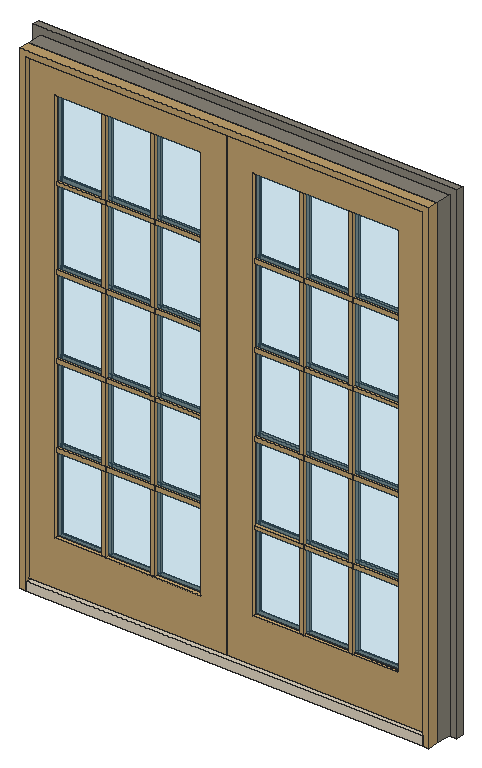
Revit family
Parameters (values of type "CUIFD6070")
  Void Offset = if(and(Casing Visibility, BMC), 0' 1 5/16", if(and(Casing Visibility, Flat Casing), 0' 3", 0' 0"))  # 0' - 1 5/16"
  URL = "www.marvin.com"
  Thickness = 0' - 1 3/4"
  Sill Material = Fiberglass_Pultrusion-Marvin-Beige
  S_2_R = XX Option 1  # yes
  S_1_R = and(XO_OX Option 2, Swing Reverse LH_RH)  # no
  S_1_L = or(XX Option 1, and(XO_OX Option 2, Swing LH_RH))  # yes
  Rough Width = Width + 0' 1"  # 6' - 1 5/8"
  Rough Height = Height + 0' 0 1/2"  # 7' - 2 1/2"
  Prairie Corner Width = 0' - 4"
  Prairie Corner Height = 0' - 4"
  Plan Swing Angle [instance] = 90.00°
  Panel Width = (Width - 0' 2 1/2") / 2  # 2' - 11 1/16"
  Swing LH_RH = not(Swing Reverse LH_RH)  # yes
  Swing Reverse LH_RH = no
  XX Option 1 = Option Choice Constraint = 1  # yes
  XO_OX Option 2 = Option Choice Constraint = 2  # no
  OO Option 3 = Option Choice Constraint = 3  # no
  Note to User = "Enter Option Choice 1-3"  # constant formula
  Option Choice = 1
  Option Choice Constraint = if(Option Choice > 3, 3, if(Option Choice < 1, 1, Option Choice))  # 1
  Nominal Width = 6' - 0"
  Nominal Height = 7' - 0"
  Muntins Interior Visibility = yes
  Muntins Interior Material = Wood-Marvin-Pine
  Muntins Exterior Visibility = yes
  Muntins Exterior Material = Aluminum-Marvin-Bronze
  Model = "CUIFD6070"
  Manufacturer = "Marvin Windows and Doors"
  Lites Wide = 3
  Lites High = 5
  Lite Cut Prairie 9 = no
  Lite Cut HV Grid = not(Lite Cut Prairie 9)  # yes
  Label Visibility = no
  Jamb Extension Visibility = no
  Interior Material = Wood-Marvin-Pine
  Inset to Installation Flange [instance] = 0' - 1"
  Height = if(Nominal Height = 6' 6", Nominal Height + 0' 1 1/2", if(or(Nominal Height = 6' 8", Nominal Height = 7' 0"), Nominal Height + 0' 2", Nominal Height - 0' 0 1/2"))  # 7' - 2"
  Wall Closure = (empty or 0)
  Width = if(Nominal Height = 6' 6", Nominal Width - 0' 1", Nominal Width + 0' 0 5/8")  # 6' - 0 5/8"
  Glazing Material = Glass-Marvin-IG Low E II with Argon
  Glass Type = "IG Low E II with Argon"
  Function = 1
  Frame = "Aluminum Clad"
  Flat Casing Visibility = and(Casing Visibility, Flat Casing)  # no
  Family created by = "www.rbuiltcomponents.com"
  Door Type = "Clad Ultimate Inswing French Door"
  Design Pressure = "DP40"
  Description = "7284 FR DOOR"
  Daylight Area = DLO Width * DLO Height * 2  # 24.9272 SF
  DLO Width = (Width - 1' 9 7/16") / 2  # 2' - 1 19/32"
  DLO Height = if(Bottom Rail Traditional, Height - 1' 3 7/8", Height - 1' 0 13/32")  # 5' - 10 1/8"
  Cladding Material = Aluminum-Marvin-Bronze
  Casing Width = if(BMC, 0' 1 5/16", 0' 3")  # 0' - 1 5/16"
  Casing Visibility = yes
  Bottom Rail Traditional = not(Bottom Rail Contemporary)  # yes
  Bottom Rail Contemporary = no
  Bottom Rail = if(Bottom Rail Traditional, 0' 9 31/32", 0' 6 1/2")  # 0' - 9 31/32"
  BMC Visibility = and(Casing Visibility, BMC)  # yes
  BMC = yes
  Flat Casing = not(BMC)  # no
  Assembly Code = ""
Reference planes (in)
  plane 1 "Center (Front/Back)": y = 0
  plane 2 "Center (Left/Right)": x = 0
  plane 3 "Left": x = -36.3125
  plane 4 "Right": x = 36.3125
  plane 5 "Top": z = 86
  plane 6 "Exterior": y = 3
  plane 7 "Interior": y = -3
  plane 8 "Inset": y = 2
  plane 9 "Glazing": y = -0.71875
  plane 10: x = -30.375
  plane 11: x = 30.375
  plane 12: z = 80.0625
  plane 13: z = 9.96875
  plane 14 "Jamb Ext Face": y = -2.5625
  plane 15: x = -0.0625
  plane 16: x = 0.0625
  plane 17: x = 4.8125
  plane 18: x = -4.8125
  plane 19: x = -17.59375
  plane 20: x = 17.59375
  plane 21 "Void offset": z = 87.3125
  plane 22 "Casing": z = 87.3125
  plane 23: y = -2.59375
Forms (in)
  Sweep 1, solid, material "Aluminum-Marvin-Bronze" <- "Cladding Material"
    path origin (0, -0.71875, 0) x (1, 0, 0) y (0, 0, 1)
      loop
        line (-36.3125, 0) -> (-36.3125, 86) -> (36.3125, 86) -> (36.3125, 0)
    profile "Clad_Frame : Clad_Frame" origin (-36.3125, -0.71875, 43) x (-1, 0, 0) y (0, -1, 0)
      loop
        line (0, -3.8125) -> (0, 0) -> (-1.06374, 0) -> (-1.06374, -0.53244) -> (-1.77792, -0.53244)
        arc (-1.77792, -0.53244) -> (-1.63018, -1.76415) -> (-1.51551, -2.99937) r 46.27589
        line (-1.51551, -2.99937) -> (-0.93767, -2.99937) -> (-0.93767, -3.10585) -> (-0.67848, -3.10585) -> (-0.67848, -3.8125) -> (0, -3.8125)
  Sweep 2, solid, material "Wood-Marvin-Pine" <- "Interior Material"
    path origin (0, -0.71875, 0) x (1, 0, 0) y (0, 0, 1)
      loop
        line (-36.3125, 0) -> (-36.3125, 86) -> (36.3125, 86) -> (36.3125, 0)
    profile "Int_Frame : Int_Frame" origin (-36.3125, -0.71875, 43) x (-1, 0, 0) y (0, -1, 0)
      loop
        line (0, 0) -> (0, 1.84375) -> (-1.06374, 1.84375) -> (-1.06374, 0) -> (0, 0)
  Sweep 3, solid, material "Fiberglass_Pultrusion-Marvin-Beige" <- "Sill Material"
    path origin (0, 2, 0) x (1, 0, 0) y (0, 0, 1)
      loop
        line (35.63402, 0) -> (-35.63402, 0)
    profile "Sill : Sill" origin (0, 2, 0) x (0, 0, -1) y (0, -1, 0)
      loop
        line (-0.5775, -1.09375) -> (0, -1.09375) -> (0, 4.5625) -> (-1.57253, 4.5625) -> (-1.3105, 2.06948) -> (-2.005, 2.06948) -> (-2.005, 1.63198) -> (-1.5375, 1.63198) -> (-1.37091, 0.04698) -> (-0.5775, 0.04698) -> (-0.5775, -1.09375)
  Extrusion 4, solid, material "Wood-Marvin-Pine" <- "Interior Material", visible <- "Jamb Extension Visibility", detail levels medium+fine
    sketch origin (0, -2.5625, 0) x (1, 0, 0) y (0, 0, 1)
      loop
        line (-36.3125, 0) -> (-35.625, 0) -> (-35.625, 85.3125) -> (35.625, 85.3125) -> (35.625, 0) -> (36.3125, 0) -> (36.3125, 86) -> (-36.3125, 86) -> (-36.3125, 0)
    from 0.03125 to 0.4375
  Extrusion 5, void
    sketch origin (0, 0, 0) x (1, 0, 0) y (0, 1, 0)
      loop
        line (-36.3125, 2) -> (-36.3125, -3) -> (36.3125, -3) -> (36.3125, 2) -> (-36.3125, 2)
    from 86 to 0
  Extrusion 6, void
    sketch origin (0, 0, 0) x (1, 0, 0) y (0, 1, 0)
      loop
        line (-37.625, 3.125) -> (-37.625, 2) -> (37.625, 2) -> (37.625, 3.125) -> (-37.625, 3.125)
    from 87.3125 to 0
  Sweep 7, void
    path origin (0, -2.5625, 0) x (1, 0, 0) y (0, 0, 1)
      loop
        line (-35.625, 0) -> (-35.625, 1.57253)
    profile "Sill_Void : Sill_Void" origin (-35.625, -2.5625, 0.78626) x (-1, 0, 0) y (0, -1, 0)
      loop
        line (0, -4.95658) -> (0, -2.38317) -> (0.125, -2.38317) -> (0.125, 0.11683) -> (-0.38526, 0.11683) -> (-0.38526, -2.38317) -> (-1.09944, -2.38317)
        arc (-1.09944, -2.38317) -> (-0.9517, -3.61487) -> (-0.83703, -4.8501) r 46.27589
        line (-0.83703, -4.8501) -> (-0.25918, -4.8501) -> (-0.25918, -4.95658) -> (0, -4.95658)
  Sweep 8, void
    path origin (0, -2.5625, 0) x (-1, 0, 0) y (0, 0, 1)
      loop
        line (-35.625, 0) -> (-35.625, 1.57253)
    profile "Sill_Void : Sill_Void" origin (35.625, -2.5625, 0.78626) x (-1, 0, 0) y (0, -1, 0)
      loop
        line (0, -4.95658) -> (0.25918, -4.95658) -> (0.25918, -4.8501) -> (0.83703, -4.8501)
        arc (0.83703, -4.8501) -> (0.9517, -3.61487) -> (1.09944, -2.38317) r 46.27589
        line (1.09944, -2.38317) -> (0.38526, -2.38317) -> (0.38526, 0.11683) -> (-0.125, 0.11683) -> (-0.125, -2.38317) -> (0, -2.38317) -> (0, -4.95658)
  Sweep 9, solid, material "Aluminum-Marvin-Bronze" <- "Cladding Material"
    path origin (0, -0.71875, 0) x (1, 0, 0) y (0, 0, 1)
      loop
        line (-0.04687, 2.005) -> (-0.04687, 84.22208)
    profile "Mtg_Stile : Mtg_Stile" origin (-0.04687, -0.71875, 43.11354) x (-1, 0, 0) y (0, -1, 0)
      loop
        line (-0.71385, -0.4375) -> (-0.61256, -1.4012) -> (-0.37874, -1.57729) -> (-0.25704, -2.0315) -> (0.62233, -2.0315) -> (0.73983, -1.59299) -> (0.97643, -1.4148) -> (1.07915, -0.4375) -> (-0.71385, -0.4375)
Cuts and joins
  Sweep 7, Sweep 8 cuts Sweep 3
Lines and regions (in)
  Masking region 1
    outline origin (0, 0, 0) x (0, 1, 0) y (0, 0, 1)
      loop
        line (3.09375, 86) -> (-2.5625, 86) -> (-2.5625, 0) -> (3.09375, 0) -> (3.09375, 86)
  Masking region 2, visible <- "Jamb Extension Visibility"
    outline origin (0, 0, 0) x (1, 0, 0) y (0, 1, 0)
      loop
        line (-35.625, -3) -> (-35.625, -2.59375) -> (-36.3125, -2.59375) -> (-36.3125, -3) -> (-35.625, -3)
  Masking region 3, visible <- "Jamb Extension Visibility"
    outline origin (0, 0, 0) x (0, 1, 0) y (-1, 0, 0)
      loop
        line (-3, -35.625) -> (-3, -36.3125) -> (-2.59375, -36.3125) -> (-2.59375, -35.625) -> (-3, -35.625)
  Masking region 4, visible <- "Jamb Extension Visibility"
    outline origin (0, 0, 0) x (0, 1, 0) y (0, 0, 1)
      loop
        line (-2.59375, 86) -> (-3, 86) -> (-3, 0) -> (-2.59375, 0) -> (-2.59375, 86)
  symbolic lines, style "DoorsFrameMullionProjection", visible <- "Jamb Extension Visibility", detail levels coarse+medium
    curve 1: line (-36.3125, -3, 0) -> (-35.625, -3, 0)
    curve 2: line (-35.625, -3, 0) -> (-35.625, -2.59375, 0)
    curve 3: line (36.3125, -3, 0) -> (35.625, -3, 0)
    curve 4: line (35.625, -3, 0) -> (35.625, -2.59375, 0)
    curve 7: line (0, -2.59375, 85.3125) -> (0, -3, 85.3125)
    curve 8: line (0, -3, 85.3125) -> (0, -3, 86)
    curve 36: line (36.3125, -3, 0) -> (36.3125, -2.59375, 0)
  symbolic lines, style "Jamb Extension", visible <- "Jamb Extension Visibility", detail levels fine
    curve 5: line (0, -2.59375, 85.3125) -> (0, -3, 85.3125)
    curve 6: line (0, -3, 85.3125) -> (0, -3, 86)
  symbolic lines, style "DoorsFrameMullionProjection", detail levels coarse+medium
    curve 9: line (0, 3.09375, 86) -> (0, 3.09375, 84.93626)
    curve 10: line (0, 3.09375, 84.93626) -> (0, -2.5625, 84.93626)
    curve 11: line (0, -2.5625, 84.93626) -> (0, -2.5625, 86)
    curve 20: line (0, -0.28125, 80.0625) -> (0, -0.28125, 9.96875)
    curve 21: line (0, -2.03125, 80.0625) -> (0, -2.03125, 9.96875)
    curve 24: line (0, 3.09375, 0.5775) -> (0, 1.95302, 0.5775)
    curve 25: line (0, 1.95302, 1.625) -> (0, 1.95302, 0.5775)
    curve 26: line (0, 1.95302, 1.625) -> (0, -2.56948, 1.625)
    curve 27: line (0, -2.56948, 0) -> (0, -2.56948, 1.625)
    curve 28: line (0, 3.09375, 0) -> (0, 3.09375, 0.5775)
    curve 29: line (0, 3.09375, 0) -> (0, -2.56948, 0)
    curve 32: line (-36.3125, -2.59375, 0) -> (-36.3125, -3, 0)
    curve 33: line (0, 3.09375, 86) -> (0, -3, 86)
  symbolic lines, style "DoorsPanelProjection", detail levels coarse+medium
    curve 12: line (0, -0.28125, 80.0625) -> (0, -0.28125, 84.93626)
    curve 13: line (0, -2.03125, 80.0625) -> (0, -0.28125, 80.0625)
    curve 14: line (0, -2.03125, 84.93626) -> (0, -2.03125, 80.0625)
    curve 15: line (0, -0.28125, 9.96875) -> (0, -2.03125, 9.96875)
    curve 16: line (0, -0.28125, 1.8125) -> (0, -0.28125, 9.96875)
    curve 17: line (0, -2.03125, 1.8125) -> (0, -0.28125, 1.8125)
    curve 18: line (0, -2.03125, 9.96875) -> (0, -2.03125, 1.8125)
  symbolic lines, style "DoorsGlassProjection", detail levels coarse+medium
    curve 19: line (0, -1.15625, 9.96875) -> (0, -1.15625, 80.0625)
  symbolic lines, style "Elevation Swing", visible <- "S_1_L"
    curve 22: line (0, -0.71875, 1.78875) -> (35.125, -0.71875, 43)
    curve 23: line (35.125, -0.71875, 43) -> (0, -0.71875, 84.90841)
  symbolic lines, style "Elevation Swing", visible <- "S_2_R"
    curve 30: line (0, -0.71875, 1.78875) -> (-35.125, -0.71875, 43)
    curve 31: line (-35.125, -0.71875, 43) -> (0, -0.71875, 84.90841)
  symbolic lines, style "Elevation Swing", visible <- "S_1_R"
    curve 34: line (35.14062, -0.71875, 1.84375) -> (0.0625, -0.71875, 43)
    curve 35: line (0.0625, -0.71875, 43) -> (35.14062, -0.71875, 84.8125)
Text (in)
  text "Exterior" at (-74.96733, 27.31104, 0), in view "Ref. Level"
  text "Interior" at (-74.96733, -25.14366, 0), in view "Ref. Level"
  text "Exterior" at (0, 40.15149, 123.01588), in view "Right"
  text "Interior" at (0, -64.39139, 123.01588), in view "Right"
  text "Interior" at (0, -31.01599, 123.00693), in view "Left"
  text "Exterior" at (0, 54.57065, 123.00693), in view "Left"
Dimensions and locks (in)
  equal spacing: plane 3 "Left", plane 2 "Center (Left/Right)", plane 4 "Right"
  "Height": level to plane 5 "Top"
  "Width": plane 3 "Left" to plane 4 "Right"
  locked: plane 11 to plane 4 "Right" at 5.9375
  locked: plane 3 "Left" to plane 10 at 5.9375
  locked: plane 12 to plane 5 "Top" at 5.9375
  "Bottom Rail": level to plane 13
  locked: Extrusion 4 sketch curve to plane 4 "Right" at 0.6875
  locked: plane 3 "Left" to Extrusion 4 sketch curve at 0.6875
  locked: plane 5 "Top" to Extrusion 4 sketch curve at 0.6875
  locked: nested 3 to plane 9 "Glazing" at 0.8125
  "Inset to Installation Flange": host wall to plane 8 "Inset"
  locked: plane 9 "Glazing" to plane 8 "Inset" at 2.71875
  locked: plane 14 "Jamb Ext Face" to plane 8 "Inset" at 4.5625
  locked: nested 4 to host wall at 12
  plane 15 to plane 2 "Center (Left/Right)" to plane 16 = 0' - 0 1/16", 0' - 0 1/16"
  locked: plane 17 to plane 16 at 4.75
  locked: plane 15 to plane 18 at 4.75
  equal spacing: plane 18, plane 19, plane 10
  equal spacing: plane 17, plane 20, plane 11
  equal spacing: level, curve 23, plane 5 "Top"
  equal spacing: level, curve 31, plane 5 "Top"
  "Void Offset": plane 21 "Void offset" to plane 5 "Top"
  "Casing Width": plane 22 "Casing" to plane 5 "Top"
  locked: Extrusion 6 sketch curve to host wall at 0.125
  "Void Offset": Extrusion 6 sketch curve to plane 3 "Left"
  "Void Offset": plane 4 "Right" to Extrusion 6 sketch curve
  locked: level to curve 26 at 1.625
  locked: plane 3 "Left" to Sweep 7 sketch curve at 0.6875
  locked: Sweep 8 sketch curve to level at 1.57253
  locked: Sweep 8 sketch curve to plane 4 "Right" at 0.6875
  locked: plane 23 to plane 14 "Jamb Ext Face" at 0.03125
  locked: Sweep 9 sketch curve to plane 18 at 4.76563
  aligned and locked: plane 6 "Exterior" to host wall
  aligned and locked: plane 7 "Interior" to host wall
  aligned and locked: plane 3 "Left" to Sweep 1 sketch curve
  aligned and locked: level to Sweep 1 sketch curve  (x2)
  aligned and locked: Sweep 1 sketch curve to plane 5 "Top"
  aligned and locked: Sweep 1 sketch curve to plane 4 "Right"
  aligned and locked: plane 3 "Left" to Sweep 2 sketch curve
  aligned and locked: level to Sweep 2 sketch curve  (x2)
  aligned and locked: Sweep 2 sketch curve to plane 5 "Top"
  aligned and locked: Sweep 2 sketch curve to plane 4 "Right"
  aligned and locked: level to nested 1
  aligned and locked: nested 1 to plane 8 "Inset"
  aligned and locked: Sweep 3 sketch curve to level
  aligned and locked: Extrusion 4 sketch curve to plane 3 "Left"
  aligned and locked: plane 5 "Top" to Extrusion 4 sketch curve
  aligned and locked: plane 4 "Right" to Extrusion 4 sketch curve
  aligned and locked: level to Extrusion 4 sketch curve  (x2)
  aligned and locked: Sweep 1 to Extrusion 4 sketch curve
  aligned and locked: host wall to Extrusion 4
  aligned and locked: plane 9 "Glazing" to nested 2
  aligned and locked: plane 12 to nested 2
  aligned and locked: nested 3 to plane 12
  aligned and locked: plane 3 "Left" to curve 1
  aligned and locked: curve 1 to Extrusion 4
  aligned and locked: plane 4 "Right" to curve 3
  aligned and locked: curve 4 to Extrusion 4
  aligned and locked: curve 3 to Extrusion 4
  aligned and locked: curve 5 to Extrusion 4
  aligned and locked: Extrusion 4 to curve 6
  aligned and locked: plane 5 "Top" to curve 8
  aligned and locked: curve 7 to Extrusion 4
  aligned and locked: plane 14 "Jamb Ext Face" to curve 11
  aligned and locked: curve 10 to Sweep 2
  aligned and locked: curve 13 to plane 12
  aligned and locked: curve 15 to plane 13
  aligned and locked: curve 13 to curve 19
  aligned and locked: curve 15 to curve 19
  aligned and locked: plane 5 "Top" to Masking region 1 sketch curve
  aligned and locked: level to Masking region 1 sketch curve
  aligned and locked: plane 2 "Center (Left/Right)" to nested 4
  aligned and locked: curve 25 to nested 1
  aligned and locked: curve 27 to nested 1
  aligned and locked: plane 20 to nested 2
  aligned and locked: nested 3 to plane 20
  aligned and locked: nested 5 to plane 19
  aligned and locked: nested 5 to plane 12
  aligned and locked: plane 19 to nested 6
  aligned and locked: plane 12 to nested 6
  aligned and locked: nested 5 to plane 9 "Glazing"
  aligned and locked: nested 3 to nested 6
  aligned and locked: Masking region 1 sketch curve to Sweep 1
  aligned and locked: curve 9 to Sweep 1
  aligned and locked: Sweep 3 sketch curve to Sweep 1
  aligned and locked: Sweep 1 to Sweep 3 sketch curve
  aligned and locked: plane 3 "Left" to curve 32
  aligned and locked: curve 33 to plane 5 "Top"
  aligned and locked: host wall to curve 33
  aligned and locked: plane 8 "Inset" to Extrusion 5 sketch curve
  aligned and locked: Extrusion 5 sketch curve to host wall
  aligned and locked: Extrusion 5 sketch curve to plane 3 "Left"
  aligned and locked: plane 4 "Right" to Extrusion 5 sketch curve
  aligned and locked: Extrusion 5 to plane 5 "Top"
  aligned and locked: Extrusion 5 to level
  aligned and locked: Extrusion 6 sketch curve to plane 8 "Inset"
  aligned and locked: Extrusion 6 to plane 21 "Void offset"
  aligned and locked: Extrusion 6 to level
  aligned and locked: Masking region 2 sketch curve to Extrusion 4
  aligned and locked: Masking region 2 sketch curve to plane 3 "Left"
  aligned and locked: Masking region 2 sketch curve to plane 7 "Interior"
  aligned and locked: Masking region 3 sketch curve to plane 4 "Right"
  aligned and locked: Masking region 3 sketch curve to Extrusion 4
  aligned and locked: plane 7 "Interior" to Masking region 3 sketch curve
  aligned and locked: plane 2 "Center (Left/Right)" to nested 7
  aligned and locked: plane 8 "Inset" to nested 7
  aligned and locked: level to nested 7
  aligned and locked: curve 28 to Sweep 1
  aligned and locked: curve 24 to Sweep 3
  aligned and locked: nested 8 to plane 2 "Center (Left/Right)"
  aligned and locked: plane 8 "Inset" to nested 8
  aligned and locked: Sweep 3 to Sweep 7 sketch curve
  aligned and locked: level to Sweep 7 sketch curve
  aligned and locked: level to Sweep 8 sketch curve
  aligned and locked: plane 23 to Masking region 2 sketch curve
  aligned and locked: plane 23 to curve 32
  aligned and locked: plane 23 to curve 2
  aligned and locked: Masking region 3 sketch curve to plane 23
  aligned and locked: plane 23 to curve 4
  aligned and locked: plane 23 to curve 36
  aligned and locked: plane 23 to curve 5
  aligned and locked: plane 23 to curve 7
  aligned and locked: Masking region 1 sketch curve to plane 14 "Jamb Ext Face"
  aligned and locked: plane 5 "Top" to Masking region 4 sketch curve
  aligned and locked: level to Masking region 4 sketch curve
  aligned and locked: plane 23 to Masking region 4 sketch curve
  aligned and locked: Masking region 4 sketch curve to host wall
  aligned and locked: Extrusion 4 to plane 23
  aligned and locked: nested 9 to plane 12
  aligned and locked: nested 9 to plane 20
  aligned and locked: plane 9 "Glazing" to nested 9
  aligned and locked: plane 12 to nested 10
  aligned and locked: plane 19 to nested 10
  aligned and locked: nested 10 to plane 9 "Glazing"
  aligned and locked: curve 34 to nested 9
  aligned and locked: nested 9 to curve 35
  aligned and locked: Sweep 1 to Sweep 9 sketch curve
  aligned and locked: cut or joined group of Sweep 3, Sweep 7, Sweep 8 to Sweep 9 sketch curve
  aligned and locked: curve 12 to nested 1
  aligned and locked: curve 14 to nested 1
Automatic sketch dimensions
  curve 1 to curve 1 = 0' - 0 11/16"
  curve 29 to level = 0' - 0"
  plane 9 "Glazing" to curve 19 = 0' - 0 7/16"
  level to curve 17 = 0' - 1 13/16"
  curve 23 to plane 2 "Center (Left/Right)" = 0' - 0"
  curve 30 to plane 2 "Center (Left/Right)" = 0' - 0"
  curve 35 to plane 16 = 0' - 0"
  curve 31 to plane 3 "Left" = 0' - 1 3/16"
  plane 4 "Right" to curve 22 = 0' - 1 3/16"
  level to curve 34 = 0' - 1 27/32"
  level to curve 30 = 0' - 1.78875"
  plane 13 to curve 34 = 2' - 9 1/32"
  plane 5 "Top" to curve 35 = 0' - 1 3/16"
  plane 5 "Top" to curve 23 = 0' - 1.09159"
Nested families (in)
  nested 1: "Door_Section_Detail" at (0, 2, 0) x (0, -1, 0) z (1, 0, 0), type "Door_Section_Detail", detail levels fine
  nested 2: "Muntins" at (17.59375, -0.71875, -26.0625), visible <- "Muntins Exterior Visibility", Muntin Material <- "Muntins Exterior Material", type "Muntins"
    with Muntin Material Aluminum-Marvin-Bronze, GlazingWidth 2' - 1 19/32", GlazingHeight 5' - 10 1/8", Width 2' - 2 1/32", LitesVertical 5, HorizontalMuntins 4, Height 5' - 10 9/16", Inset Vert 0' - 8.30208", Inset Horiz 1' - 1.7375"
  nested 3: "Muntins" at (17.59375, -1.53125, -26.0625), Muntin Material <- "Muntins Interior Material", visible <- "Muntins Interior Visibility", type "Muntins"
    with Muntin Material Wood-Marvin-Pine, GlazingWidth 2' - 1 19/32", GlazingHeight 5' - 10 1/8", Width 2' - 2 1/32", LitesVertical 5, HorizontalMuntins 4, Height 5' - 10 9/16", Inset Vert 0' - 8.30208", Inset Horiz 1' - 1.7375"
  nested 4: "Label Annotation 1-16 w5" at (0, 15, 0), visible <- "Label Visibility", type "Label Annotation 1-16 w5"
  nested 5: "Muntins" at (-17.59375, -0.71875, -26.0625) x (-1, 0, 0) z (0, 0, 1), visible <- "Muntins Exterior Visibility", Muntin Material <- "Muntins Exterior Material", type "Muntins"
    with Muntin Material Aluminum-Marvin-Bronze, GlazingWidth 2' - 1 19/32", GlazingHeight 5' - 10 1/8", Width 2' - 2 1/32", LitesVertical 5, HorizontalMuntins 4, Height 5' - 10 9/16", Inset Vert 0' - 8.30208", Inset Horiz 1' - 1.7375"
  nested 6: "Muntins" at (-17.59375, -1.53125, -26.0625) x (-1, 0, 0) z (0, 0, 1), Muntin Material <- "Muntins Interior Material", visible <- "Muntins Interior Visibility", type "Muntins"
    with Muntin Material Wood-Marvin-Pine, GlazingWidth 2' - 1 19/32", GlazingHeight 5' - 10 1/8", Width 2' - 2 1/32", LitesVertical 5, HorizontalMuntins 4, Height 5' - 10 9/16", Inset Vert 0' - 8.30208", Inset Horiz 1' - 1.7375"
  nested 7: "Casing_Clad" at (0, 2, 0), visible <- "Casing Visibility", type "Casing_Clad"
    with Width 6' - 0 5/8", Height 7' - 2"
  nested 8: "Door_Plan_Detail" at (54.25, -1.9375, 0), type "Door_Plan_Detail"
  nested 9: "Panel" at (17.59375, -0.71875, 1.84375), type "Panel"
    with Width 2' - 11 3/32", Height 6' - 10 31/32", Function 1, DLO Width 2' - 1 19/32", DLO Height 5' - 10 1/8"
  nested 10: "Panel" at (-17.59375, -0.71875, 1.84375) x (-1, 0, 0) z (0, 0, 1), type "Panel"
    with Width 2' - 11 3/32", Height 6' - 10 31/32", Function 1, DLO Width 2' - 1 19/32", DLO Height 5' - 10 1/8"
Definition of nested family "Muntins"
  Parameters (values of type "Muntins")
    PrairieMuntVisible = no
    Prairie Corner Width = 0' - 4"
    Prairie Corner Height = 0' - 4"
    Muntin Extension = 0' - 0 7/16"
    GridMuntVisible = yes
    GlazingWidth = 2' - 0"
    GlazingHeight = 2' - 11 1/8"
    Width = GlazingWidth + Muntin Extension  # 2' - 0 7/16"
    VerticalMuntins = if(LitesHorizontal < 3, 2, LitesHorizontal - 1)  # 2
    VertMuntVisible = and(GridMuntVisible, LitesHorizontal > 2)  # yes
    MuntinWidth = 0' - 0 3/4"
    MuntinDepth [instance] = 0' - 0 3/8"
    Muntin Material [instance] = none
    LitesVertical = 3
    LitesHorizontal = 3
    HorizontalMuntins = if(LitesVertical < 3, 2, LitesVertical - 1)  # 2
    HorizMuntVisible = and(GridMuntVisible, LitesVertical > 2)  # yes
    Height = GlazingHeight + Muntin Extension  # 2' - 11 9/16"
    Inset Vert = if(LitesHorizontal < 3, (Width / 3) - (MuntinWidth / 2), (Width / LitesHorizontal) - (MuntinWidth / 2))  # 0' - 7.77083"
    Inset Horiz = if(LitesVertical < 3, (Height / 3) - (MuntinWidth / 2), (Height / LitesVertical) - (MuntinWidth / 2))  # 0' - 11.47917"
    CenterMuntinVertical = and(GridMuntVisible, LitesHorizontal = 2)  # no
    CenterMuntinHorizontal = and(GridMuntVisible, LitesVertical = 2)  # no
    Assembly Code = ""
  Reference planes (in)
    plane 1 "Center (Front/Back)": y = 0
    plane 2: z = 0
    plane 3 "Center (Left/Right)": x = 0
    plane 4: z = 35.78125
    plane 5: z = 53.5625
    plane 6: z = 71.34375
    plane 7: z = 59.86458
    plane 8: z = 47.26042
    plane 9: z = 71.125
    plane 10: z = 36
    plane 11: x = -12
    plane 12: x = 12
    plane 13: x = -4.44792
    plane 14: x = -12.21875
    plane 15: x = 12.21875
    plane 16: x = 4.44792
    plane 17: z = 67.125
    plane 18: z = 40
    plane 19: x = -8
    plane 20: x = 8
  Forms (in)
    Extrusion 1, solid, material <- "Muntin Material", visible <- "CenterMuntinVertical", detail levels medium+fine
      sketch origin (9, 0, 0) x (1, 0, 0) y (0, 0, 1)
        loop
          line (-9.375, 71.34375) -> (-9.375, 35.78125) -> (-8.625, 35.78125) -> (-8.625, 71.34375) -> (-9.375, 71.34375)
      from 0 to 0.375 <- "MuntinDepth"
    Extrusion 2, solid, material <- "Muntin Material", visible <- "CenterMuntinHorizontal", detail levels medium+fine
      sketch origin (-0.0013, 0, 14.6875) x (1, 0, 0) y (0, 0, 1)
        loop
          line (-12.21745, 39.25) -> (-12.21745, 38.5) -> (12.22005, 38.5) -> (12.22005, 39.25) -> (-12.21745, 39.25)
      from 0 to 0.375 <- "MuntinDepth"
    Extrusion 3, solid, material <- "Muntin Material", visible <- "VertMuntVisible", detail levels medium+fine
      sketch origin (4.92708, 0, -2.90625) x (1, 0, 0) y (0, 0, 1)
        loop
          line (-9.375, 74.25) -> (-9.375, 38.6875) -> (-8.625, 38.6875) -> (-8.625, 74.25) -> (-9.375, 74.25)
      from 0 to 0.375 <- "MuntinDepth"
    Extrusion 4, solid, material <- "Muntin Material", visible <- "HorizMuntVisible", detail levels medium+fine
      sketch origin (-3.09635, 0, 14.17708) x (1, 0, 0) y (0, 0, 1)
        loop
          line (-9.1224, 45.6875) -> (-9.1224, 44.9375) -> (15.3151, 44.9375) -> (15.3151, 45.6875) -> (-9.1224, 45.6875)
      from 0 to 0.375 <- "MuntinDepth"
    Extrusion 5, solid, material <- "Muntin Material", visible <- "HorizMuntVisible", detail levels medium+fine
      sketch origin (-3.09635, 0, 2.32292) x (1, 0, 0) y (0, 0, 1)
        loop
          line (-9.1224, 45.6875) -> (-9.1224, 44.9375) -> (15.3151, 44.9375) -> (15.3151, 45.6875) -> (-9.1224, 45.6875)
      from 0 to 0.375 <- "MuntinDepth"
    Extrusion 6, solid, material <- "Muntin Material", visible <- "VertMuntVisible", detail levels medium+fine
      sketch origin (13.07292, 0, -2.90625) x (1, 0, 0) y (0, 0, 1)
        loop
          line (-9.375, 74.25) -> (-9.375, 38.6875) -> (-8.625, 38.6875) -> (-8.625, 74.25) -> (-9.375, 74.25)
      from 0 to 0.375 <- "MuntinDepth"
    Extrusion 7, solid, material <- "Muntin Material", visible <- "PrairieMuntVisible", detail levels medium+fine
      sketch origin (1, 0, 0) x (1, 0, 0) y (0, 0, 1)
        loop
          line (-9, 71.34375) -> (-9, 35.78125) -> (-8.25, 35.78125) -> (-8.25, 71.34375) -> (-9, 71.34375)
      from 0 to 0.375 <- "MuntinDepth"
    Extrusion 8, solid, material <- "Muntin Material", visible <- "PrairieMuntVisible", detail levels medium+fine
      sketch origin (17, 0, 0) x (1, 0, 0) y (0, 0, 1)
        loop
          line (-9.75, 71.34375) -> (-9.75, 35.78125) -> (-9, 35.78125) -> (-9, 71.34375) -> (-9.75, 71.34375)
      from 0 to 0.375 <- "MuntinDepth"
    Extrusion 9, solid, material <- "Muntin Material", visible <- "PrairieMuntVisible", detail levels medium+fine
      sketch origin (-0.0013, 0, 28.25) x (1, 0, 0) y (0, 0, 1)
        loop
          line (-12.21745, 38.875) -> (-12.21745, 38.125) -> (12.22005, 38.125) -> (12.22005, 38.875) -> (-12.21745, 38.875)
      from 0 to 0.375 <- "MuntinDepth"
    Extrusion 10, solid, material <- "Muntin Material", visible <- "PrairieMuntVisible", detail levels medium+fine
      sketch origin (-0.0013, 0, 1.125) x (1, 0, 0) y (0, 0, 1)
        loop
          line (-12.21745, 39.625) -> (-12.21745, 38.875) -> (12.22005, 38.875) -> (12.22005, 39.625) -> (-12.21745, 39.625)
      from 0 to 0.375 <- "MuntinDepth"
  Cuts and joins
    joined: Extrusion 7, Extrusion 8, Extrusion 9, Extrusion 10
  Lines and regions (in)
    model lines, style "Muntins", visible <- "CenterMuntinHorizontal", detail levels coarse
      curve 1: line (-12.21875, 0, 53.5625) -> (12.21875, 0, 53.5625)
    model lines, style "Muntins", visible <- "HorizMuntVisible", detail levels coarse
      curve 2: line (-12.21875, 0, 59.48958) -> (12.21875, 0, 59.48958)
      curve 3: line (-12.21875, 0, 47.63542) -> (12.21875, 0, 47.63542)
    model lines, style "Muntins", visible <- "CenterMuntinVertical", detail levels coarse
      curve 4: line (0, 0, 71.34375) -> (0, 0, 35.78125)
    model lines, style "Muntins", visible <- "VertMuntVisible", detail levels coarse
      curve 5: line (-4.07292, 0, 71.34375) -> (-4.07292, 0, 35.78125)
      curve 6: line (4.07292, 0, 71.34375) -> (4.07292, 0, 35.78125)
    model lines, style "Muntins", visible <- "PrairieMuntVisible", detail levels coarse
      curve 7: line (-12.21875, 0, 66.75) -> (12.21875, 0, 66.75)
      curve 8: line (-12.21875, 0, 40.375) -> (12.21875, 0, 40.375)
      curve 9: line (-7.625, 0, 35.78125) -> (-7.625, 0, 71.34375)
      curve 10: line (7.625, 0, 35.78125) -> (7.625, 0, 71.34375)
  Dimensions and locks (in)
    "Inset Horiz": plane 6 to plane 7
    "Inset Horiz": plane 8 to plane 4
    equal spacing: plane 6, plane 5, plane 4
    "Height": plane 6 to plane 4
    "GlazingHeight": plane 9 to plane 10
    equal spacing: plane 9, plane 5, plane 10
    "GlazingWidth": plane 12 to plane 11
    equal spacing: plane 12, plane 3 "Center (Left/Right)", plane 11
    "MuntinWidth": Extrusion 1 sketch curve to Extrusion 1 sketch curve
    "Height": Extrusion 1 sketch curve to Extrusion 1 sketch curve
    "MuntinWidth": Extrusion 2 sketch curve to Extrusion 2 sketch curve
    "Width": Extrusion 2 sketch curve to Extrusion 2 sketch curve
    "MuntinWidth": Extrusion 3 sketch curve to Extrusion 3 sketch curve
    "Height": Extrusion 3 sketch curve to Extrusion 3 sketch curve
    "Width": plane 15 to plane 14
    equal spacing: plane 15, plane 3 "Center (Left/Right)", plane 14
    "Inset Vert": plane 13 to plane 14
    "Inset Vert": plane 15 to plane 16
    "MuntinWidth": Extrusion 4 sketch curve to Extrusion 4 sketch curve
    "Width": Extrusion 4 sketch curve to Extrusion 4 sketch curve
    "MuntinWidth": Extrusion 5 sketch curve to Extrusion 5 sketch curve
    "Width": Extrusion 5 sketch curve to Extrusion 5 sketch curve
    group 2 to group 3 = 0' - 0"  (x2)
    group 3 to group 2 = 0' - 11.85417"
    "MuntinWidth": Extrusion 6 sketch curve to Extrusion 6 sketch curve
    "Height": Extrusion 6 sketch curve to Extrusion 6 sketch curve
    group 4 to group 5 = 0' - 8.14583"
    group 4 to group 5 = 0' - 0"  (x2)
    "Prairie Corner Width": plane 19 to plane 11
    "Prairie Corner Width": plane 20 to plane 12
    "Prairie Corner Height": plane 9 to plane 17
    "Prairie Corner Height": plane 18 to plane 10
    "MuntinWidth": Extrusion 7 sketch curve to Extrusion 7 sketch curve
    "Height": Extrusion 7 sketch curve to Extrusion 7 sketch curve
    "MuntinWidth": Extrusion 8 sketch curve to Extrusion 8 sketch curve
    "Height": Extrusion 8 sketch curve to Extrusion 8 sketch curve
    "MuntinWidth": Extrusion 9 sketch curve to Extrusion 9 sketch curve
    "Width": Extrusion 9 sketch curve to Extrusion 9 sketch curve
    "MuntinWidth": Extrusion 10 sketch curve to Extrusion 10 sketch curve
    "Width": Extrusion 10 sketch curve to Extrusion 10 sketch curve
    aligned and locked: plane 6 to Extrusion 1  (x2)
    aligned and locked: Extrusion 1 to plane 4  (x3)
    aligned and locked: Extrusion 3 to plane 13  (x5)
    aligned and locked: Extrusion 3 to plane 4  (x3)
    aligned and locked: Extrusion 2 to plane 14
    aligned and locked: plane 15 to Extrusion 2
    aligned and locked: plane 6 to Extrusion 3
    aligned and locked: plane 7 to Extrusion 4
    aligned and locked: Extrusion 4 to plane 14
    aligned and locked: plane 15 to Extrusion 4
    aligned and locked: curve 1 to plane 5
    aligned and locked: plane 14 to curve 1
    aligned and locked: plane 15 to curve 1
    aligned and locked: Extrusion 5 to plane 14
    aligned and locked: Extrusion 5 to plane 8
    aligned and locked: plane 15 to Extrusion 5
    aligned and locked: Extrusion 5 to curve 3  (x2)
    aligned and locked: Extrusion 4 to curve 2  (x2)
    aligned and locked: curve 4 to plane 3 "Center (Left/Right)"
    aligned and locked: Extrusion 1 to curve 4  (x2)
    aligned and locked: Extrusion 3 to curve 5  (x2)
    aligned and locked: Extrusion 6 to curve 6  (x2)
    aligned and locked: Extrusion 6 to plane 16
    aligned and locked: plane 6 to Extrusion 6
    aligned and locked: plane 6 to curve 6
    aligned and locked: Extrusion 6 to plane 4
    aligned and locked: plane 4 to curve 6
    aligned and locked: cut or joined group of Extrusion 7, Extrusion 8, Extrusion 9, Extrusion 10 to plane 19
    aligned and locked: plane 20 to cut or joined group of Extrusion 7, Extrusion 8, Extrusion 9, Extrusion 10
    aligned and locked: plane 17 to cut or joined group of Extrusion 7, Extrusion 8, Extrusion 9, Extrusion 10
    aligned and locked: cut or joined group of Extrusion 7, Extrusion 8, Extrusion 9, Extrusion 10 to plane 18
    aligned and locked: cut or joined group of Extrusion 7, Extrusion 8, Extrusion 9, Extrusion 10 to curve 7  (x2)
    aligned and locked: cut or joined group of Extrusion 7, Extrusion 8, Extrusion 9, Extrusion 10 to curve 8  (x2)
    aligned and locked: cut or joined group of Extrusion 7, Extrusion 8, Extrusion 9, Extrusion 10 to curve 9  (x2)
    aligned and locked: cut or joined group of Extrusion 7, Extrusion 8, Extrusion 9, Extrusion 10 to curve 10  (x2)
  Automatic sketch dimensions
    Extrusion 1 sketch curve to plane 4 = 0' - 0"
    Extrusion 1 sketch curve to plane 3 "Center (Left/Right)" = 0' - 0 3/8"
    Extrusion 2 sketch curve to plane 14 = 0' - 0"
    Extrusion 2 sketch curve to plane 5 = 0' - 0 3/8"
    Extrusion 7 sketch curve to plane 4 = 0' - 0"
    Extrusion 7 sketch curve to plane 19 = 0' - 0"
    Extrusion 8 sketch curve to plane 4 = 0' - 0"
    Extrusion 8 sketch curve to plane 20 = 0' - 0 3/4"
    Extrusion 9 sketch curve to plane 14 = 0' - 0"
    Extrusion 9 sketch curve to plane 17 = 0' - 0 3/4"
    Extrusion 10 sketch curve to plane 14 = 0' - 0"
    Extrusion 10 sketch curve to plane 18 = 0' - 0"
    plane 19 to curve 9 = 0' - 0 3/8"
    curve 10 to plane 20 = 0' - 0 3/8"
    plane 18 to curve 8 = 0' - 0 3/8"
    curve 7 to plane 17 = 0' - 0 3/8"
Definition of nested family "Casing_Clad"
  Parameters (values of type "Casing_Clad")
    Width = 16' - 0"
    Height = 12' - 0"
    Flat Casing Visibility = no
    Cladding Finish = Aluminum-Marvin-Bronze
    BMC Visibility = yes
    Assembly Code = ""
  Reference planes (in)
    plane 1 "Center (Front/Back)": y = 0
    plane 2: z = 0
    plane 3 "Center (Left/Right)": x = 0
    plane 4: z = 144
    plane 5: x = -96
    plane 6: x = 96
  Forms (in)
    Sweep 1, solid, material "Aluminum-Marvin-Bronze" <- "Cladding Finish", visible <- "BMC Visibility"
      path origin (0, 0, 0) x (1, 0, 0) y (0, 0, 1)
        loop
          line (-96, 0) -> (-96, 144) -> (96, 144) -> (96, 0)
      profile "BMC_Clad : BMC_Clad" origin (96, 0, 72) x (1, 0, 0) y (0, -1, 0)
        loop
          line (0.71589, -1.25) -> (1.3125, -1.25) -> (1.3125, 0) -> (0, 0) -> (0, -1.09375) -> (0.38081, -1.09375) -> (0.71589, -1.25)
    Sweep 2, solid, material "Aluminum-Marvin-Bronze" <- "Cladding Finish", visible <- "Flat Casing Visibility"
      path origin (0, 0, 0) x (1, 0, 0) y (0, 0, 1)
        loop
          line (-96, 0) -> (-96, 144) -> (96, 144) -> (96, 0)
      profile "Flat_Casing_Clad : Flat_Casing_Clad" origin (96, 0, 72) x (1, 0, 0) y (0, -1, 0)
        loop
          line (3, -1.09375) -> (3, 0) -> (0, 0) -> (0, -1.09375) -> (3, -1.09375)
  Lines and regions (in)
    Masking region 1, visible <- "Flat Casing Visibility"
      outline origin (0, 0, 0) x (1, 0, 0) y (0, 1, 0)
        loop
          line (-96, 0) -> (-96, 1.09375) -> (-99, 1.09375) -> (-99, 0) -> (-96, 0)
    Masking region 2, visible <- "Flat Casing Visibility"
      outline origin (0, 0, 0) x (0, 1, 0) y (-1, 0, 0)
        loop
          line (0, -96) -> (0, -99) -> (1.09375, -99) -> (1.09375, -96) -> (0, -96)
    Masking region 3, visible <- "BMC Visibility"
      outline origin (0, 0, 0) x (1, 0, 0) y (0, 1, 0)
        loop
          line (96, 1.09375) -> (96, 0) -> (97.3125, 0) -> (97.3125, 1.25) -> (96.71589, 1.25) -> (96.38081, 1.09375) -> (96, 1.09375)
    Masking region 4, visible <- "BMC Visibility"
      outline origin (0, 0, 0) x (0, 1, 0) y (-1, 0, 0)
        loop
          line (1.09375, 96) -> (1.09375, 96.38081) -> (1.25, 96.71589) -> (1.25, 97.3125) -> (0, 97.3125) -> (0, 96) -> (1.09375, 96)
    Masking region 5, visible <- "Flat Casing Visibility"
      outline origin (0, 0, 0) x (0, 1, 0) y (0, 0, 1)
        loop
          line (1.09375, 147) -> (0, 147) -> (0, 144) -> (1.09375, 144) -> (1.09375, 147)
    Masking region 6, visible <- "BMC Visibility"
      outline origin (0, 0, 0) x (0, 1, 0) y (0, 0, 1)
        loop
          line (1.25, 145.3125) -> (0, 145.3125) -> (0, 144) -> (1.09375, 144) -> (1.09375, 144.38081) -> (1.25, 144.71589) -> (1.25, 145.3125)
    symbolic lines, style "Frame/Mullion", visible <- "Flat Casing Visibility", detail levels coarse+medium
      curve 1: line (0, 1.09375, 144) -> (0, 1.09375, 147)
      curve 2: line (0, 1.09375, 147) -> (0, 0, 147)
      curve 11: line (-99, 1.09375, 0) -> (-99, 0, 0)
      curve 12: line (-96, 1.09375, 0) -> (-99, 1.09375, 0)
      curve 13: line (99, 0, 0) -> (99, 1.09375, 0)
      curve 14: line (99, 1.09375, 0) -> (96, 1.09375, 0)
    symbolic lines, style "Frame/Mullion", visible <- "BMC Visibility", detail levels coarse+medium
      curve 3: line (0, 1.25, 145.3125) -> (0, 0, 145.3125)
      curve 4: line (0, 1.25, 144.71589) -> (0, 1.25, 145.3125)
      curve 5: line (0, 1.09375, 144.38081) -> (0, 1.25, 144.71589)
      curve 6: line (0, 1.09375, 144) -> (0, 1.09375, 144.38081)
      curve 7: line (-96.71589, 1.25, 0) -> (-97.3125, 1.25, 0)
      curve 8: line (-96.38081, 1.09375, 0) -> (-96.71589, 1.25, 0)
      curve 9: line (-96, 1.09375, 0) -> (-96.38081, 1.09375, 0)
      curve 10: line (-97.3125, 1.25, 0) -> (-97.3125, 0, 0)
      curve 15: line (97.3125, 0, 0) -> (97.3125, 1.25, 0)
      curve 16: line (97.3125, 1.25, 0) -> (96.71589, 1.25, 0)
      curve 17: line (96.71589, 1.25, 0) -> (96.38081, 1.09375, 0)
      curve 18: line (96.38081, 1.09375, 0) -> (96, 1.09375, 0)
  Dimensions and locks (in)
    "Width": plane 6 to plane 5
    equal spacing: plane 6, plane 3 "Center (Left/Right)", plane 5
    "Height": plane 4 to plane 2
    aligned and locked: plane 4 to Sweep 1 sketch curve
    aligned and locked: plane 5 to Sweep 1 sketch curve
    aligned and locked: plane 2 to Sweep 1 sketch curve
    aligned and locked: Sweep 1 sketch curve to plane 2
    aligned and locked: plane 4 to Sweep 2 sketch curve
    aligned and locked: plane 5 to Sweep 2 sketch curve
    aligned and locked: plane 2 to Sweep 2 sketch curve
    aligned and locked: Sweep 2 sketch curve to plane 2
    aligned and locked: Masking region 1 sketch curve to Sweep 1
    aligned and locked: Masking region 1 sketch curve to plane 1 "Center (Front/Back)"
    aligned and locked: Sweep 2 to Masking region 1 sketch curve
    aligned and locked: Masking region 1 sketch curve to Sweep 2
    aligned and locked: Masking region 2 sketch curve to Sweep 2  (x3)
    aligned and locked: Sweep 2 to Masking region 2 sketch curve
    aligned and locked: Masking region 3 sketch curve to Sweep 2
    aligned and locked: Masking region 3 sketch curve to Sweep 1  (x4)
    aligned and locked: Sweep 1 to Masking region 3 sketch curve
    aligned and locked: Masking region 4 sketch curve to Sweep 2
    aligned and locked: Masking region 4 sketch curve to Sweep 1  (x5)
    aligned and locked: Masking region 5 sketch curve to Sweep 2  (x2)
    aligned and locked: Sweep 1 to Masking region 5 sketch curve
    aligned and locked: Masking region 5 sketch curve to Sweep 1
    aligned and locked: Masking region 6 sketch curve to Sweep 1  (x6)
    aligned and locked: curve 1 to Masking region 5
    aligned and locked: curve 2 to Sweep 2
    aligned and locked: curve 3 to Sweep 1
    aligned and locked: curve 4 to Masking region 6
    aligned and locked: curve 5 to Sweep 1
    aligned and locked: curve 6 to Masking region 6
    aligned and locked: Masking region 2 to curve 14
    aligned and locked: Masking region 3 to curve 16
    aligned and locked: Masking region 3 to curve 18
    aligned and locked: Sweep 2 sketch curve to plane 6
    aligned and locked: Sweep 1 sketch curve to plane 6
    aligned and locked: curve 11 to Sweep 2
    aligned and locked: curve 10 to Sweep 1
    aligned and locked: Sweep 1 to curve 7
    aligned and locked: curve 8 to Sweep 1
    aligned and locked: Sweep 1 to curve 9
    aligned and locked: curve 13 to Sweep 2
    aligned and locked: curve 15 to Sweep 1
    aligned and locked: curve 17 to Sweep 1
  Automatic sketch dimensions
    curve 1 to plane 4 = 0' - 0"
    curve 2 to plane 1 "Center (Front/Back)" = 0' - 0"
    curve 3 to plane 1 "Center (Front/Back)" = 0' - 0"
    curve 6 to plane 4 = 0' - 0"
    curve 10 to plane 1 "Center (Front/Back)" = 0' - 0"
    curve 11 to plane 1 "Center (Front/Back)" = 0' - 0"
    curve 13 to plane 1 "Center (Front/Back)" = 0' - 0"
    curve 15 to plane 1 "Center (Front/Back)" = 0' - 0"
    plane 5 to curve 12 = 0' - 0"
    curve 18 to plane 6 = 0' - 0"
Definition of nested family "Panel"
  Parameters (values of type "Panel")
    Width = DLO Width + 0' 9 1/2"  # 3' - 11 1/2"
    Thickness = 0' - 0"
    Offset = if(Bottom Rail Traditional, 0' 8 3/32", 0' 3 3/4")  # 0' - 8 3/32"
    Interior Finish = Wood-Marvin-Pine
    Height = if(Bottom Rail Traditional, DLO Height + 1' 0 27/32", DLO Height + 0' 9 1/2")  # 6' - 10 27/32"
    Glazing Material = Glass-Marvin-IG Low E II with Argon
    Function = (empty or 0)
    DLO Width = 3' - 2"
    DLO Height = 5' - 10"
    Cladding Finish = Aluminum-Marvin-Bronze
    Bottom Rail Traditional = not(Bottom Rail Contemporary)  # yes
    Bottom Rail Contemporary = no
    Bottom Rail = if(Bottom Rail Traditional, 0' 8 3/32", 0' 4 3/4")  # 0' - 8 3/32"
  Reference planes (in)
    plane 1 "Center (Front/Back)": y = 0
    plane 2: z = 0
    plane 3 "Center (Left/Right)": x = 0
    plane 4: x = -23.75
    plane 5: x = 23.75
    plane 6: z = 82.84375
    plane 7: z = 78.09375
    plane 8: x = -19
    plane 9: x = 19
    plane 10: z = 8.09375
    plane 11 "Glazing": y = -0.8125
  Forms (in)
    Sweep 1, solid, material "Aluminum-Marvin-Bronze" <- "Cladding Finish"
      path origin (0, 0, 0) x (1, 0, 0) y (0, 0, 1)
        loop
          line (-19, 78.09375) -> (-19, 8.09375) -> (19, 8.09375) -> (19, 78.09375) -> (-19, 78.09375)
      profile "Clad_Panel : Clad_Panel" origin (0, 0, 78.09375) x (0, 0, 1) y (0, -1, 0)
        loop
          line (4.75, 0) -> (4.75, 1.3125) -> (0.19709, 1.3125) -> (0, 0.97108) -> (0, 0.8125) -> (0.72484, 0.8125) -> (0.72484, 0) -> (0, 0) -> (0, -0.05719) -> (0.20804, -0.26523) -> (0.20804, -0.4375) -> (4.75, -0.4375) -> (4.75, 0)
    Extrusion 2, solid, material "Glass-Marvin-IG Low E II with Argon" <- "Glazing Material"
      sketch origin (0, 0, 0) x (1, 0, 0) y (0, 0, 1)
        loop
          line (-19.5, 78.59375) -> (-19.5, 7.59375) -> (19.5, 7.59375) -> (19.5, 78.59375) -> (-19.5, 78.59375)
      from 0.125 to 0
    Sweep 3, solid, material "Aluminum-Marvin-Bronze" <- "Cladding Finish"
      path in 3D
        loop
          line (23.75, 0.4375, 3.34375) -> (-23.75, 0.4375, 3.34375)
      profile origin (0, 0.4375, 3.34375) x (0, 1, 0) y (0, 0, -1)
        loop
          line (0, 0) -> (0, 3.34375) -> (-1.75, 3.34375) -> (-1.75, 0) -> (0, 0)
    Extrusion 4, solid, material "Glass-Marvin-IG Low E II with Argon" <- "Glazing Material"
      sketch origin (0, -0.8125, 0) x (-1, 0, 0) y (0, 0, 1)
        loop
          line (19.5, 78.59375) -> (-19.5, 78.59375) -> (-19.5, 7.59375) -> (19.5, 7.59375) -> (19.5, 78.59375)
      from 0.125 to 0
  Cuts and joins
    joined: Sweep 1, Sweep 3
  Lines and regions (in)
    sketch lines
      curve 1: line (23.75, 0.4375, 3.34375) -> (-23.75, 0.4375, 3.34375)
  Dimensions and locks (in)
    equal spacing: plane 4, plane 3 "Center (Left/Right)", plane 5
    "Width": plane 4 to plane 5
    "Height": plane 6 to plane 2
    locked: plane 8 to plane 4 at 4.75
    locked: plane 5 to plane 9 at 4.75
    locked: plane 6 to plane 7 at 4.75
    "Bottom Rail": plane 10 to plane 2
    locked: profile plane to Sweep 3 sketch curve at 1.75
    locked: plane 8 to Extrusion 2 sketch curve at 0.5
    locked: Extrusion 2 sketch curve to plane 9 at 0.5
    locked: Extrusion 2 sketch curve to plane 7 at 0.5
    locked: plane 10 to Extrusion 2 sketch curve at 0.5
    locked: plane 11 "Glazing" to plane 1 "Center (Front/Back)" at 0.8125
    locked: plane 8 to Extrusion 4 sketch curve at 0.5
    locked: Extrusion 4 sketch curve to plane 9 at 0.5
    locked: Extrusion 4 sketch curve to plane 7 at 0.5
    locked: plane 10 to Extrusion 4 sketch curve at 0.5
    "Offset": plane 10 to Sweep 3 sketch curve
    aligned and locked: plane 10 to Sweep 1 sketch curve
    aligned and locked: plane 8 to Sweep 1 sketch curve
    aligned and locked: Sweep 1 sketch curve to plane 7
    aligned and locked: Sweep 1 sketch curve to plane 9
    aligned and locked: Extrusion 2 to plane 1 "Center (Front/Back)"
    aligned and locked: profile plane to Sweep 3 sketch curve  (x2)
Definition of nested family "Door_Section_Detail"
  Parameters (values of type "Door_Section_Detail")
    Height = 7' - 2"
    Flat Casing = no
    Flange Visibility = not(Casing Visibility)  # no
    Casing Visibility = yes
    Bottom Rail = 0' - 9 31/32"
    BMC = yes
    Assembly Code = ""
  Reference planes (in)
    plane 1 "Center (Front/Back)": y = 0
    plane 2: z = 0
    plane 3 "Center (Left/Right)": x = 0
    plane 4: y = 86
  Lines and regions (in)
    detail lines, style "Cut Lines", in view "Ref. Level"
      curve 1: line (2.73141, 9.3065, 0) -> (2.73141, 80.72538, 0)
      curve 2: line (2.85641, 9.3065, 0) -> (2.85641, 80.72538, 0)
      curve 3: line (3.35641, 9.3065, 0) -> (3.35641, 80.72538, 0)
      curve 4: line (3.48141, 9.3065, 0) -> (3.48141, 80.72538, 0)
  Dimensions and locks (in)
    "Height": plane 4 to plane 1 "Center (Front/Back)"
    aligned and locked: plane 1 "Center (Front/Back)" to nested 1
    aligned and locked: plane 3 "Center (Left/Right)" to nested 1
    aligned and locked: plane 4 to nested 2
    aligned and locked: nested 2 to plane 3 "Center (Left/Right)"
    aligned and locked: curve 1 to nested 1  (x2)
    aligned and locked: nested 1 to curve 2
    aligned and locked: curve 2 to nested 1
    aligned and locked: curve 3 to nested 1  (x2)
    aligned and locked: nested 1 to curve 4
    aligned and locked: curve 4 to nested 1
    aligned and locked: nested 1 to nested 1  (x4)
    aligned and locked: nested 2 to curve 1
    aligned and locked: nested 2 to curve 2
    aligned and locked: nested 2 to curve 3
    aligned and locked: nested 2 to curve 4
    aligned and locked: plane 3 "Center (Left/Right)" to nested 4
    aligned and locked: nested 4 to plane 4
    aligned and locked: plane 3 "Center (Left/Right)" to nested 3
    aligned and locked: nested 3 to plane 4
  Nested families (in)
    nested 1: "Sill_Detail" at (0, 0, 0), type "Sill_Detail", in view "Ref. Level"
    nested 2: "Jamb_Detail" at (0, 86, 0) x (0, -1, 0) z (0, 0, 1), type "Jamb_Detail", in view "Ref. Level"
    nested 3: "BMC_Detail" at (0, 86, 0), visible <- "BMC", type "BMC_Detail", in view "Ref. Level"
    nested 4: "Flat_Casing_Detail" at (0, 86, 0), visible <- "Flat Casing", type "Flat_Casing_Detail", in view "Ref. Level"
  Definition of nested family "Sill_Detail"
    Parameters (values of type "Sill_Detail")
      Bottom Rail = 0' - 9 31/32"
      Assembly Code = ""
    Reference planes (in)
      plane 1 "Center (Front/Back)": y = 0
      plane 2: z = 0
      plane 3 "Center (Left/Right)": x = 0
      plane 4: y = 9.96875
    Lines and regions (in)
      detail lines, style "Cut Lines", in view "Ref. Level"
        curve 1: line (2.25, 1.81861, 0) -> (2.25, 9.76071, 0)
        curve 2: line (2.25, 1.81861, 0) -> (4, 1.81861, 0)
        curve 3: line (4, 1.81861, 0) -> (4, 9.77166, 0)
        curve 4: line (3.65858, 9.96875, 0) -> (4, 9.77166, 0)
        curve 5: line (3.51261, 9.96875, 0) -> (3.65858, 9.96875, 0)
        curve 6: line (2.25, 9.76071, 0) -> (2.42227, 9.76071, 0)
        curve 7: line (2.6875, 9.96875, 0) -> (2.63031, 9.96875, 0)
        curve 8: line (2.6875, 9.24391, 0) -> (3.51261, 9.24391, 0)
        curve 9: line (2.6875, 9.96875, 0) -> (2.6875, 9.24391, 0)
        curve 10: line (3.51261, 9.24391, 0) -> (3.51261, 9.96875, 0)
        curve 11: line (2.42227, 9.76071, 0) -> (2.63031, 9.96875, 0)
        curve 12: line (2.73141, 9.3065, 0) -> (2.85641, 9.3065, 0)
        curve 13: line (3.35641, 9.4315, 0) -> (2.85641, 9.4315, 0)
        curve 14: line (3.35641, 9.6815, 0) -> (2.85641, 9.6815, 0)
        curve 15: line (3.35641, 9.3065, 0) -> (3.48141, 9.3065, 0)
        curve 16: line (-1.09375, 0.5775, 0) -> (0.04698, 0.5775, 0)
        curve 17: line (4.56948, 0, 0) -> (-1.09375, 0, 0)
        curve 18: line (0.04698, 1.37091, 0) -> (0.04698, 0.5775, 0)
        curve 19: line (4.56948, 1.57326, 0) -> (2.06948, 1.3105, 0)
        curve 20: line (4.56948, 0, 0) -> (4.56948, 1.57326, 0)
        curve 21: line (-1.09375, 0, 0) -> (-1.09375, 0.5775, 0)
        curve 22: line (1.63198, 1.5375, 0) -> (0.04698, 1.37091, 0)
        curve 23: line (2.06948, 2.005, 0) -> (1.63198, 2.005, 0)
        curve 24: line (1.63198, 2.005, 0) -> (1.63198, 1.5375, 0)
        curve 25: line (2.06948, 1.3105, 0) -> (2.06948, 2.005, 0)
      detail lines, style "Cut Lines", in view "Ref. Level", not visible
        curve 26: line (3.65858, 9.96875, 0) -> (4, 9.77166, 0)
        curve 27: line (3.51261, 9.96875, 0) -> (3.65858, 9.96875, 0)
        curve 28: line (2.25, 9.76071, 0) -> (2.42227, 9.76071, 0)
        curve 29: line (2.6875, 9.96875, 0) -> (2.63031, 9.96875, 0)
        curve 30: line (2.6875, 9.24391, 0) -> (3.51261, 9.24391, 0)
        curve 31: line (2.6875, 9.96875, 0) -> (2.6875, 9.24391, 0)
        curve 32: line (3.51261, 9.24391, 0) -> (3.51261, 9.96875, 0)
        curve 33: line (2.42227, 9.76071, 0) -> (2.63031, 9.96875, 0)
        curve 34: line (2.73141, 9.3065, 0) -> (2.85641, 9.3065, 0)
        curve 35: line (3.35641, 9.4315, 0) -> (2.85641, 9.4315, 0)
        curve 36: line (3.35641, 9.6815, 0) -> (2.85641, 9.6815, 0)
        curve 37: line (3.35641, 9.3065, 0) -> (3.48141, 9.3065, 0)
    Dimensions and locks (in)
      "Bottom Rail": plane 1 "Center (Front/Back)" to plane 4
      aligned and locked: plane 4 to curve 5
    Automatic sketch dimensions
      curve 17 to plane 1 "Center (Front/Back)" = 0' - 0"
      curve 21 to plane 3 "Center (Left/Right)" = 0' - 1 3/32"
      plane 3 "Center (Left/Right)" to curve 22 = 0' - 0.04698"
      plane 3 "Center (Left/Right)" to curve 23 = 0' - 1.63198"
      curve 23 to curve 25 = 0' - 0 7/16"
      plane 4 to curve 1 = 0' - 0.20804"
      plane 3 "Center (Left/Right)" to curve 1 = 0' - 2 1/4"
      curve 1 to curve 2 = 0' - 1 3/4"
      curve 19 to plane 1 "Center (Front/Back)" = 0' - 1.57326"
      curve 2 to curve 19 = 0' - 0.56948"
      curve 21 to plane 1 "Center (Front/Back)" = 0' - 0.5775"
      curve 19 to plane 1 "Center (Front/Back)" = 0' - 1.3105"
      curve 16 to curve 18 = 0' - 0.79341"
      curve 19 to curve 22 = 0' - 0.227"
      curve 19 to curve 2 = 0' - 0.50811"
      curve 22 to curve 23 = 0' - 0.4675"
      plane 4 to curve 3 = 0' - 0.19709"
  Definition of nested family "Jamb_Detail"
    Parameters (values of type "Jamb_Detail")
      Flange Visibility = no
      Assembly Code = ""
    Reference planes (in)
      plane 1 "Center (Front/Back)": y = 0
      plane 2: z = 0
      plane 3 "Center (Left/Right)": x = 0
    Lines and regions (in)
      detail lines, style "Cut Lines", in view "Ref. Level"
        curve 1: line (0, 1.09375, 0) -> (0, -4.5625, 0)
        curve 2: line (0, -4.5625, 0) -> (1.06374, -4.5625, 0)
        curve 3: line (1.06374, -2.18631, 0) -> (1.06374, -4.5625, 0)
        curve 4: line (1.06374, -2.18631, 0) -> (1.77792, -2.18631, 0)
        curve 5: line (0.67848, 0.3871, 0) -> (0.67848, 1.09375, 0)
        curve 6: line (0.93767, 0.3871, 0) -> (0.67848, 0.3871, 0)
        curve 7: line (0.93767, 0.28062, 0) -> (0.93767, 0.3871, 0)
        curve 8: line (0.67848, 1.09375, 0) -> (0, 1.09375, 0)
        curve 14: arc (1.77792, -2.18631, 0) -> (1.63018, -0.9546, 0) -> (1.51551, 0.28062, 0) r 46.27589
        curve 15: line (0.93767, 0.28062, 0) -> (1.51551, 0.28062, 0)
        curve 16: line (1.18687, -4.03125, 0) -> (1.18687, -2.28125, 0)
        curve 17: line (5.73978, -4.03125, 0) -> (1.18687, -4.03125, 0)
        curve 18: line (1.18687, -2.28125, 0) -> (5.72883, -2.28125, 0)
        curve 19: line (5.93687, -3.68983, 0) -> (5.73978, -4.03125, 0)
        curve 20: line (5.93687, -3.54386, 0) -> (5.93687, -3.68983, 0)
        curve 21: line (5.72883, -2.28125, 0) -> (5.72883, -2.45352, 0)
        curve 22: line (5.93687, -2.71875, 0) -> (5.93687, -2.66156, 0)
        curve 23: line (5.21204, -2.71875, 0) -> (5.21204, -3.54386, 0)
        curve 24: line (5.93687, -2.71875, 0) -> (5.21204, -2.71875, 0)
        curve 25: line (5.21204, -3.54386, 0) -> (5.93687, -3.54386, 0)
        curve 26: line (5.72883, -2.45352, 0) -> (5.93687, -2.66156, 0)
        curve 27: line (5.27462, -2.73047, 0) -> (5.27462, -2.85547, 0)
        curve 28: line (5.39962, -3.35547, 0) -> (5.39962, -2.85547, 0)
        curve 29: line (5.64962, -3.35547, 0) -> (5.64962, -2.85547, 0)
        curve 30: line (5.27462, -3.35547, 0) -> (5.27462, -3.48047, 0)
      detail lines, style "Cut Lines", in view "Ref. Level", visible <- "Flange Visibility"
        curve 9: line (0, 0.045, 0) -> (-1.49897, 0.045, 0)
        curve 10: line (-0.155, 0, 0) -> (-1.49897, 0, 0)
        curve 11: line (-0.155, 0, 0) -> (-0.155, -0.11, 0)
        curve 12: line (0, -0.11, 0) -> (-0.155, -0.11, 0)
        curve 13: line (-1.49897, 0, 0) -> (-1.49897, 0.045, 0)
  Definition of nested family "BMC_Detail"
    Parameters (values of type "BMC_Detail")
      Assembly Code = ""
    Reference planes (in)
      plane 1 "Center (Front/Back)": y = 0
      plane 2: z = 0
      plane 3 "Center (Left/Right)": x = 0
    Lines and regions (in)
      detail lines, style "Cut Lines", in view "Ref. Level"
        curve 1: line (-1.25, 0.71589, 0) -> (-1.25, 1.3125, 0)
        curve 2: line (-1.25, 1.3125, 0) -> (0, 1.3125, 0)
        curve 3: line (0, 0, 0) -> (-1.09375, 0, 0)
        curve 4: line (-1.09375, 0, 0) -> (-1.09375, 0.38081, 0)
        curve 5: line (-1.09375, 0.38081, 0) -> (-1.25, 0.71589, 0)
        curve 6: line (0, 0, 0) -> (0, 1.3125, 0)
  Definition of nested family "Flat_Casing_Detail"
    Parameters (values of type "Flat_Casing_Detail")
      Assembly Code = ""
    Reference planes (in)
      plane 1 "Center (Front/Back)": y = 0
      plane 2: z = 0
      plane 3 "Center (Left/Right)": x = 0
    Lines and regions (in)
      detail lines, style "Cut Lines", in view "Ref. Level"
        curve 1: line (-1.09375, 3, 0) -> (0, 3, 0)
        curve 2: line (0, 0, 0) -> (-1.09375, 0, 0)
        curve 3: line (-1.09375, 0, 0) -> (-1.09375, 3, 0)
        curve 4: line (0, 0, 0) -> (0, 3, 0)
Definition of nested family "Label Annotation 1-16 w5"
  Parameters
    Label = ""
    Egress Info = "EGRESS WDW"
    Description = "3664 FIXED"
  Reference planes (in)
    plane 1: y = 0
    plane 2: x = 0
  Text (in)
    label "Description" at (0.00375, -0.00345, 0), shows "Description"
Definition of nested family "Door_Plan_Detail"
  Parameters (values of type "Door_Plan_Detail")
    XX = yes
    XO_OX = no
    Width = 6' - 0 5/8"
    Swing Reverse LH_RH = no
    Swing LH_RH = yes
    Swing Angle = 90.00°
    Panel Width = 2' - 11 1/16"
    P2_Swing = if(or(OO, XO_OX), 0.00°, Swing Angle)  # 90.00°
    P2_RH Astragal = not(and(XX, Swing Reverse LH_RH))  # yes
    P1_RH Swing = Swing Angle  # 90.00°
    P1_RH = and(XO_OX, Swing Reverse LH_RH)  # no
    P1_LH Swing = if(OO, 0.00°, Swing Angle)  # 90.00°
    P1_LH Astragal = and(XX, Swing Reverse LH_RH)  # no
    P1_LH = not(and(XO_OX, Swing Reverse LH_RH))  # yes
    OO = no
    Flat Casing = no
    Flange Visibility = not(Casing Visibility)  # no
    Casing Visibility = yes
    BMC = yes
    Assembly Code = ""
  Reference planes (in)
    plane 1 "Center (Front/Back)": y = -3.9375
    plane 2: z = 0
    plane 3: x = -17.9375
    plane 4: y = 0.09375
    plane 5: x = -19.125
    plane 6: x = -89.375
    plane 7: x = -90.5625
    plane 8: x = -54.25
  Lines and regions (in)
    Masking region 1, in view "Ref. Level", detail levels coarse+medium
      outline origin (0, 0, 0) x (1, 0, 0) y (0, 1, 0)
        loop
          line (-19.125, 0.625) -> (-19.125, -5.03125) -> (-17.9375, -5.03125) -> (-17.9375, 0.625) -> (-19.125, 0.625)
    Masking region 2, in view "Ref. Level", detail levels coarse+medium
      outline origin (-108.375, 0, 0) x (0, 1, 0) y (-1, 0, 0)
        loop
          line (0.625, -19) -> (0.625, -17.8125) -> (-5.03125, -17.8125) -> (-5.03125, -19) -> (0.625, -19)
  Dimensions and locks (in)
    locked: plane 1 "Center (Front/Back)" to plane 4 at 4.03125
    "Width": plane 7 to plane 3
    locked: plane 5 to plane 3 at 1.1875
    locked: plane 7 to plane 6 at 1.1875
    locked: Masking region 2 sketch curve to plane 4 at 0.53125
    locked: Masking region 2 sketch curve to plane 1 "Center (Front/Back)" at 1.09375
    equal spacing: plane 7, plane 8, plane 3
    aligned and locked: plane 1 "Center (Front/Back)" to nested 1
    aligned and locked: nested 2 to plane 1 "Center (Front/Back)"
    aligned and locked: nested 1 to plane 7
